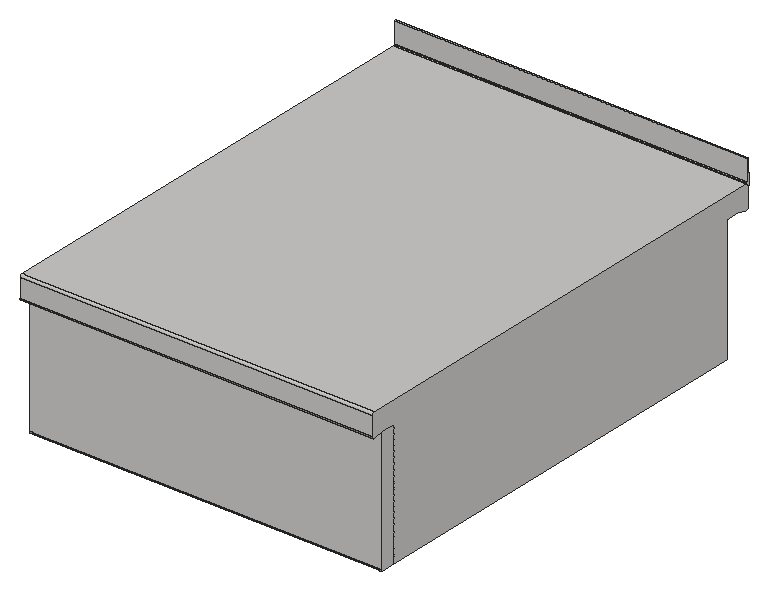
Revit family "QF_ELECTROLUXPROFESSIONAL_588113_MANABBFOOO", category Specialty Equipment, Revit 2018
Family settings
  Round Connector Dimension = Use Diameter
  Part Type = Normal
  Work Plane-Based = No
  Always vertical = Yes
  Cut with Voids When Loaded = No
  Shared = No
  Room Calculation Point = No
Parameters
  Weight in Pounds = 33.06
  URL Cutsheet = "www.electrolux.com/professional"
  URL = "www.electrolux.com/professional"
  Type Mark [instance] = ""
  Status [instance] = ""
  Specification by User [instance] = ""
  Specification by Manufacturer = ""
  Serial Number = ""
  Seismic Rating = ""
  SMACNA No = ""
  Revision Code [instance] = ""
  Omniclass Number and Title = ""
  NAFEM Spec ID Number = ""
  Model = "588113"
  Masterspec = ""
  Manufacturer = "ELECTROLUX"
  Item Number [instance] = ""
  Installed By [instance] = ""
  Identify Quantity as Lot [instance] = yes
  Furnished By [instance] = ""
  Foodservice Equipment Identifier [instance] = yes
  Direct Waste Size = 0"
  Description = "CLOSED WORK TOP,1-S,BACKSPL,600X800X250H"
  CSI MasterFormat = ""
  CSI Master Format = ""
Reference planes
  plane 1 "BACK": y = 0
  plane 2: z = 0
  plane 3 "LEFT": x = 0
  plane 4 "RIGHT": x = 600
  plane 5 "FRONT": y = -800
  plane 6 "TOP": z = 250
  plane 7 "Center Y": x = 300
  plane 8 "Center X": y = -400
  plane 9: z = 288
Forms (mm)
  Extrusion 1, solid, material "QF_Finishes_Stainless Steel"
    sketch origin (0, 50.048, 0) x (0, 1, 0) y (0, 0, 1)
      loop
        line (-95.048, 213) -> (-71.412, 213) -> (-54.743, 210.061)
        arc (-54.743, 210.061) -> (-51.477, 210.936) -> (-50.048, 214) r 4
        line (-50.048, 214) -> (-50.048, 246)
        arc (-50.048, 246) -> (-51.22, 248.828) -> (-54.048, 250) r 4
        line (-54.048, 250) -> (-846.048, 250)
        arc (-846.048, 250) -> (-848.877, 248.828) -> (-850.048, 246) r 4
        line (-850.048, 246) -> (-850.048, 214)
        arc (-850.048, 214) -> (-848.619, 210.936) -> (-845.353, 210.061) r 4
        line (-845.353, 210.061) -> (-828.509, 213) -> (-805.048, 213) -> (-805.048, 0) -> (-95.048, 0) -> (-95.048, 213)
    from 0 to 600
  Extrusion 2, solid, material "QF_Finishes_Stainless Steel"
    sketch origin (0, 50.048, 0) x (0, 1, 0) y (0, 0, 1)
      loop
        arc (-828.048, 213) -> (-829.462, 212.414) -> (-830.048, 211) r 2
        line (-830.048, 211) -> (-830.048, 2)
        arc (-830.048, 2) -> (-829.462, 0.586) -> (-828.048, 0) r 2
        line (-828.048, 0) -> (-805.048, 0) -> (-805.048, 213) -> (-828.048, 213)
    from 0 to 600
  Extrusion 3, solid, material "QF_Finishes_Stainless Steel"
    sketch origin (0, -950.048, 0) x (0, -1, 0) y (0, 0, -1)
      loop
        arc (-948.097, -252.006) -> (-947.511, -250.592) -> (-946.097, -250.006) r 2
        arc (-946.097, -250.006) -> (-948.877, -248.828) -> (-950.048, -246) r 4
        line (-950.048, -246) -> (-950.048, -288.006) -> (-948.097, -288.006) -> (-948.097, -252.006)
    from 0 to 600
Lines and regions (mm)
  symbolic lines
    curve 1: line (0, 0, 0) -> (600, 0, 0)
    curve 2: line (0, -800, 0) -> (0, 0, 0)
    curve 3: line (600, -800, 0) -> (0, -800, 0)
    curve 4: line (600, 0, 0) -> (600, -800, 0)
    curve 5: line (0, -1.951, 0) -> (600, -1.951, 0)
Dimensions and locks
  equal spacing: plane 3 "LEFT", plane 7 "Center Y", plane 4 "RIGHT"
  plane 3 "LEFT" to plane 4 "RIGHT" = 600.00 mm
  equal spacing: plane 5 "FRONT", plane 8 "Center X", plane 1 "BACK"
  plane 5 "FRONT" to plane 1 "BACK" = 800.00 mm
  plane 6 "TOP" to level = 250.00 mm
  plane 9 to level = 288.00 mm
  plane 9 to plane 6 "TOP" = 38.00 mm
  aligned and locked: level to plane 2
  aligned and locked: Extrusion 1 to plane 4 "RIGHT"
  aligned and locked: Extrusion 2 to plane 4 "RIGHT"
  aligned and locked: Extrusion 3 to plane 4 "RIGHT"
Automatic sketch dimensions
  Extrusion 1 sketch curve to plane 5 "FRONT" = 0.00 mm
  Extrusion 1 sketch curve to plane 6 "TOP" = 0.00 mm
  Extrusion 1 sketch curve to level = 0.00 mm
  Extrusion 1 sketch curve to plane 1 "BACK" = 0.00 mm
  Extrusion 1 sketch curve to plane 5 "FRONT" = 4.695 mm
  Extrusion 1 sketch curve to plane 6 "TOP" = 39.939 mm
  Extrusion 1 sketch curve to plane 5 "FRONT" = 4.00 mm  (x2)
  Extrusion 1 sketch curve to Extrusion 1 sketch curve = 16.844 mm
  Extrusion 1 sketch curve to plane 5 "FRONT" = 45.00 mm
  plane 1 "BACK" to Extrusion 1 sketch curve = 45.00 mm
  plane 1 "BACK" to Extrusion 1 sketch curve = 21.364 mm
  plane 1 "BACK" to Extrusion 1 sketch curve = 4.00 mm
  plane 1 "BACK" to Extrusion 1 sketch curve = 4.695 mm
  Extrusion 1 sketch curve to Extrusion 1 sketch curve = 0.00 mm  (x2)
  Extrusion 1 sketch curve to Extrusion 1 sketch curve = 4.00 mm
  Extrusion 1 sketch curve to plane 6 "TOP" = 37.00 mm  (x2)
  Extrusion 1 sketch curve to Extrusion 1 sketch curve = 1.00 mm
  Extrusion 2 sketch curve to level = 0.00 mm
  Extrusion 2 sketch curve to plane 5 "FRONT" = 20.00 mm
  level to Extrusion 2 sketch curve = 2.00 mm
  Extrusion 2 sketch curve to Extrusion 2 sketch curve = 2.00 mm
  Extrusion 2 sketch curve to Extrusion 2 sketch curve = 23.00 mm
  Extrusion 2 sketch curve to plane 6 "TOP" = 39.00 mm
  Extrusion 3 sketch curve to plane 1 "BACK" = 0.00 mm  (x2)
  Extrusion 3 sketch curve to plane 6 "TOP" = 2.006 mm
  Extrusion 3 sketch curve to plane 6 "TOP" = 0.00 mm
  Extrusion 3 sketch curve to plane 9 = 0.006 mm
  Extrusion 3 sketch curve to Extrusion 3 sketch curve = 1.951 mm
  Extrusion 3 sketch curve to Extrusion 3 sketch curve = 2.00 mm
  Extrusion 3 sketch curve to Extrusion 3 sketch curve = 0.049 mm
  Extrusion 3 sketch curve to Extrusion 3 sketch curve = 0.00 mm
  plane 1 "BACK" to curve 1 = 0.00 mm
  curve 1 to plane 3 "LEFT" = 0.00 mm
  curve 1 to plane 4 "RIGHT" = 0.00 mm
  plane 5 "FRONT" to curve 4 = 0.00 mm
  curve 5 to curve 1 = 1.951 mm
